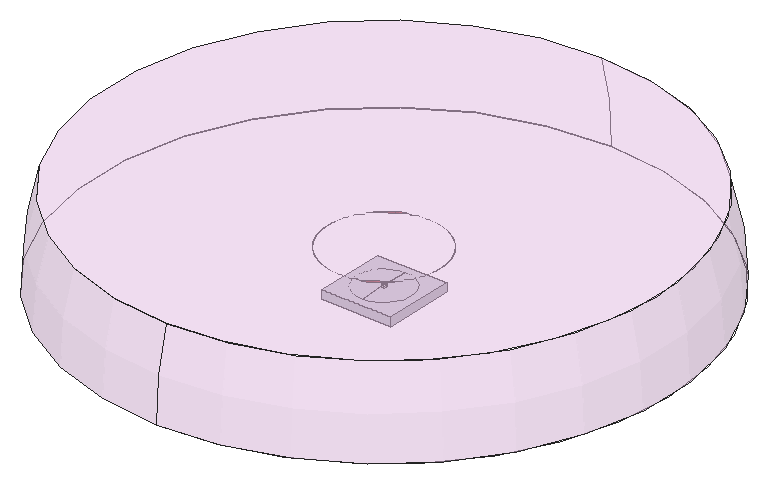
Revit family "_Camera-Security-Panasonic-360-degree-Indoor-Dome-Network-S4151", category Security Devices, host Face, Revit 2019
Family settings
  Host = Face
  Maintain Annotation Orientation = No
  Round Connector Dimension = Use Diameter
  Part Type = Normal
  OmniClass Number = 23.85.10.14.11
  OmniClass Title = Cameras
  Cut with Voids When Loaded = No
  Shared = No
  Room Calculation Point = No
Parameters (values of type "WV-S4151")
  z Void Direction [instance] = if((if(On Wall, 1, 0) + if(On Ceiling, 1, 0)) = 1, if(On Ceiling, 0, 1), 0)  # 0
  z Vertical FOV = 186.00°  # constant formula
  z VV Origin Height Offset [instance] = Height  # 1.98819"
  z VV Origin Height [instance] = 0.000"
  z Lenz to PPM Target X [instance] = 0.07874" * Focal Length * 1000 / (PPM Actual * Scanning Area H / Horizontal Resolution) - z Lenz to PPM Target H  # 90.09066"
  z Lenz to PPM Target H [instance] = Distance to Floor - PPM Target Height - z VV Origin Height Offset  # 46.04331"
  z Horizontal FOV = 186.00°  # constant formula
  z Camera Center Y Axis Offset [instance] = 0.000"
  z Camera Bottom Offset [instance] = 0.000"
  z Camera Angle [instance] = 90.00°
  z Base Raduius = 3.22835"
  z Base Height = 0.000"
  Wide Dynamic Range = yes
  Weight [instance] = 0.86 lbf
  Voltage DC = 12 V
  Vandal Resistant = no
  URL = "http://security.panasonic.com/pss/security/"
  Storage Temperature = "-22 °F to 140 °F"  # constant formula
  Show View Volume [instance] = yes
  Scanning Area V = 0.13976"
  Scanning Area H = 0.13976"
  Regulatory Compliance = "UL UL60950-1, C-UL CAN/CSA C22.2 No.60950-1, CE, IEC60950-1 FCC Part15 ClassA, ICES003 ClassA, EN55022 ClassB, EN55024"  # constant formula
  Radius_3 [instance] = Radius_1 * 0.123  # 0.36319"
  Radius_2 [instance] = Radius_1 * 0.2  # 0.59055"
  Radius_1 [instance] = Diameter / 2  # 2.95276"
  Provide Feedback = "https://www.surveymonkey.com/s/95FL6QY"
  Product Page URL = "https://security.panasonic.com/products_technology/products/wv-s4151/"
  Product Material = Paint - Panasonic - Sail White
  Product Documentation Link = "https://bizpartner.panasonic.net/public/ppr/product/11427?accordion_tab=96"
  Power Active = 4.6 W
  Part Number = Model  # "WV-S4151"
  Part Description = Description  # "Security Camera, 360-degree, Indoor, Dome, 5 Megapixel, Network, S4151"
  PPM Target Height [instance] = 70.07874"
  PPM Desired [instance] = 300
  PPM Actual [instance] = if(PPM Desired > 1, PPM Desired, 1)  # 300
  Original Creation Date = "November, 09, 2017"
  Operational Temperature [instance] = "14°F to 122°F"  # constant formula
  Operational Humidity = "10% to 90% (no condensation)"
  On Wall [instance] = no
  On Ceiling [instance] = yes
  Mounting Positions = "Mount Dependent or Surface Mount"
  Model Disclaimer = "Contact Panasonic for more information"  # constant formula
  Model = "WV-S4151"
  Minimum Illumination = 0.3 lx
  Manufacturer = "Panasonic"  # constant formula
  Indoor Or Outdoor = "Indoor"
  IP Or Analog = "IP"
  Horizontal Resolution [instance] = 2192  # constant formula
  Height_Offset5 = 1.44663"
  Height_Offset4 [instance] = 0.39438"
  Height_Offset3 [instance] = (Height - Height_Offset2) * 0.278  # 0.32058"
  Height_Offset2 [instance] = Height * 0.42  # 0.83504"
  Height_Offset1 [instance] = Height * 0.1  # 0.19882"
  Height [instance] = 1.98819"
  Has POE = yes
  Focal Length = 0.03307"
  Family Version = "1.0.0"  # constant formula
  Equipment Number [instance] = ""
  Equipment Abbreviation = "SC"
  Distance to Screen [instance] = 393.70079"
  Distance to PPM Target [instance] = if(z Lenz to PPM Target X < z Lenz to PPM Target H, 0.000", sqrt(z Lenz to PPM Target X ^ 2 - z Lenz to PPM Target H ^ 2))  # 77.43605"
  Distance to Floor [instance] = 118.11024"
  Distance to Ceiling [instance] = 0.000"
  Diameter [instance] = 5.90551"
  Description = "Security Camera, 360-degree, Indoor, Dome, 5 Megapixel, Network, S4151"
  Default Elevation = 0.000"
  Day Or Night = "Yes"
  Date Last Modified = "October, 28, 2020"
  Copyright = "Copyright © Panasonic"  # constant formula
  Communication Ports = "10Base-T / 100Base-TX, RJ45 connector"
  z Camera Center X Axis Offset [instance] = 0.000"
  Audio Out = "Yes"
  Audio In = "Yes"
  Angle Of View = "180"
  Alarm Input Or Output Specification = "ALARM IN 1 (Auto time adjustment) (x1),ALARM IN 2 (ALARM OUT) (x1), ALARM IN 3 (AUX OUT) (x1)"
Types (2): name | Product Page URL | Product Documentation Link | Part Number | Part Description | Model | Description | Date Last Modified
  WV-S4150 | "https://security.panasonic.com/products/wv-s4150" | "http://ssbu-t.psn-web.net/Products/IP_camera/WV-S4150/Specsheet/WV-S4150_A4.pdf" | "WV-S4150" | "Security Camera, 360-degree, Indoor, Dome, 5 Megapixel, Network, S4150" | "WV-S4150" | "Security Camera, 360-degree, Indoor, Dome, 5 Megapixel, Network, S4150" | "November, 09, 2017"
  WV-S4151 | "https://security.panasonic.com/products_technology/products/wv-s4151/" | "https://bizpartner.panasonic.net/public/ppr/product/11427?accordion_tab=96" | "WV-S4151" | "Security Camera, 360-degree, Indoor, Dome, 5 Megapixel, Network, S4151" | "WV-S4151" | "Security Camera, 360-degree, Indoor, Dome, 5 Megapixel, Network, S4151" | "October, 28, 2020"
Reference planes (in)
  plane 1 "Center (Front/Back)": y = 0
  plane 2: z = 0
  plane 3 "Center (Left/Right)": x = 0
  plane 4: y = 0
Forms (in)
  Extrusion 1, solid
    sketch origin (0, 0, 0) x (1, 0, 0) y (0, 1, 0)
      loop
        line (-48, 48) -> (-48, -48) -> (48, -48) -> (48, 48) -> (-48, 48)
    from 0 to -12
  Revolve 2, solid, material "Paint - Panasonic - Sail White" <- "Product Material"
    sketch origin (0, 0, 0) x (0, 0, 1) y (-1, 0, 0)
      loop
        line (1.78937, 0) -> (0, 0) -> (0, -2.95276) -> (1.15315, -2.95276) -> (1.78937, -0.59055) -> (1.78937, 0)
      axis (1.78937, 0) -> (0, 0)
    angle from 0 to 360
  Revolve 3, solid, material "Glass - Panasonic - Smoked"
    sketch origin (0, 0, 0) x (0, 0, 1) y (-1, 0, 0)
      loop
        line (1.98819, 0) -> (1.78937, 0) -> (1.78937, -0.36319)
        arc (1.78937, -0.36319) -> (1.93631, -0.20761) -> (1.98819, 0) r 0.42259
      axis (1.98819, 0) -> (1.78937, 0)
    angle from 0 to 360
  Revolve 4, solid
    sketch origin (0, 0, 0) x (0, 0, 1) y (-1, 0, 0)
      loop
        line (0, -2.79528) -> (0, -2.95276) -> (0.83257, -2.95276) -> (0.83257, -2.79528) -> (0, -2.79528)
      axis (0.83257, 0) -> (0, 0)
    angle from -30 to 30
  Revolve 5, solid
    sketch origin (0, 0, 0) x (0, 0, 1) y (-1, 0, 0)
      loop
        line (0.83257, -2.79528) -> (0, -2.79528) -> (0, -2.95276) -> (0.83257, -2.95276) -> (0.83257, -2.79528)
      axis (0.83257, 0) -> (0, 0)
    angle from 90 to 150
  Revolve 6, solid
    sketch origin (0, 0, 0) x (0, 0, 1) y (-1, 0, 0)
      loop
        line (0, -2.79528) -> (0, -2.95276) -> (0.83257, -2.95276) -> (0.83257, -2.79528) -> (0, -2.79528)
      axis (0.83257, 0) -> (0, 0)
    angle from 210 to 270
Lines and regions (in)
  symbolic lines, not visible
    curve 1: line (-1.15, -2.6875, 0) -> (1.15, -2.6875, 0)
  reference lines
    curve 2: line (-1.1811, 0, 0) -> (2.04724, 0, 0)
    curve 3: line (0, 0, 0) -> (0, 0, 3.93701)
    curve 4: line (3.22835, 0, 0) -> (0, 0, 0)
    curve 5: line (0, 0, 1.78937) -> (4.20071, 0, 1.78937)
    curve 6: line (0, 0, 1.15315) -> (2.95276, 0, 1.15315)
    curve 7: line (0, 0, 0.83257) -> (2.95276, 0, 0.83257)
    curve 8: line (2.95276, 0, 0) -> (2.95276, 0, 1.15315)
    curve 9: line (0.59055, 0, 1.15315) -> (0.59055, 0, 1.78937)
    curve 10: line (0.36319, 0, 1.78937) -> (0.36319, 0, 1.98819)
    curve 11: line (2.79528, 0, 0) -> (2.79528, 0, 0.83257)
    curve 12: line (0, 0, 1.98819) -> (0.36319, 0, 1.98819)
Dimensions and locks (in)
  plane 1 "Center (Front/Back)" to plane 4 = 0.000"
  "z Camera Center Y Axis Offset": plane 4 to plane 1 "Center (Front/Back)"
  "z Camera Center Y Axis Offset": curve 2 to level
  "z Camera Center X Axis Offset": plane 3 "Center (Left/Right)" to curve 3
  "z Base Height": curve 3 to curve 4
  "Height": curve 12 to curve 4
  "Radius_1": curve 8 to curve 3
  "Height_Offset1": curve 12 to curve 5
  "Radius_2": curve 9 to curve 3
  "Radius_3": curve 10 to curve 3
  "Height_Offset2": curve 12 to curve 6
  "Height_Offset3": curve 6 to curve 7
  locked: curve 8 to curve 11 at 0.15748
  "z Camera Angle": angle curve 3 to curve 2
  aligned and locked: plane 2 to Extrusion 1
  aligned and locked: level to Extrusion 1
  aligned and locked: curve 2 to curve 3
  aligned and locked: Revolve 2 sketch curve to curve 3
  aligned and locked: Revolve 2 sketch curve to curve 5
  aligned and locked: curve 6 to Revolve 2 sketch curve
  aligned and locked: curve 4 to Revolve 2 sketch curve
  aligned and locked: Revolve 2 sketch curve to curve 8
  aligned and locked: Revolve 3 sketch curve to curve 12
  aligned and locked: Revolve 3 sketch curve to curve 5
  aligned and locked: Revolve 3 sketch curve to curve 10
  aligned and locked: Revolve 3 sketch curve to curve 3
  aligned and locked: Revolve 4 sketch curve to curve 3
  aligned and locked: Revolve 4 sketch curve to curve 11
  aligned and locked: Revolve 4 sketch curve to curve 8
  aligned and locked: curve 7 to Revolve 4 sketch curve
  aligned and locked: Revolve 4 sketch curve to curve 4
  aligned and locked: Revolve 5 sketch curve to curve 3
  aligned and locked: curve 7 to Revolve 5 sketch curve
  aligned and locked: Revolve 5 sketch curve to curve 11
  aligned and locked: Revolve 5 sketch curve to curve 8
  aligned and locked: Revolve 5 sketch curve to curve 4
  aligned and locked: Revolve 6 sketch curve to curve 3
  aligned and locked: curve 7 to Revolve 6 sketch curve
  aligned and locked: Revolve 6 sketch curve to curve 11
  aligned and locked: Revolve 6 sketch curve to curve 8
  aligned and locked: Revolve 6 sketch curve to curve 4
  aligned and locked: nested 1 to curve 3  (x2)
Automatic sketch dimensions
  Extrusion 1 sketch curve to Extrusion 1 sketch curve = 96.000"  (x2)
  curve 1 to plane 3 "Center (Left/Right)" = 1.150"
  plane 3 "Center (Left/Right)" to curve 1 = 1.150"
  plane 1 "Center (Front/Back)" to curve 1 = 2.6875"
  Revolve 2 sketch curve to curve 3 = 0.000"
  curve 3 to Revolve 2 sketch curve = 0.59055"
  Revolve 2 sketch curve to Revolve 2 sketch curve = 0.15503"
  Revolve 2 sketch curve to Revolve 2 sketch curve = 0.10168"
  Revolve 3 sketch curve to curve 3 = 0.000"
  curve 3 to Revolve 3 sketch curve = 0.00469"
  Revolve 3 sketch curve to Revolve 3 sketch curve = 0.05579"
  Revolve 3 sketch curve to Revolve 3 sketch curve = 0.02944"
  curve 3 to Revolve 4 sketch curve = 1.29762"
  Revolve 4 sketch curve to Revolve 4 sketch curve = 1.01951"
  curve 3 to Revolve 5 sketch curve = 1.2447"
  Revolve 5 sketch curve to Revolve 5 sketch curve = 1.07846"
  curve 3 to Revolve 6 sketch curve = 1.22468"
  Revolve 6 sketch curve to Revolve 6 sketch curve = 1.14853"
  curve 2 to plane 3 "Center (Left/Right)" = 1.1811"
  plane 3 "Center (Left/Right)" to curve 2 = 2.04724"
  curve 4 to curve 3 = 3.22835"
  curve 5 to curve 3 = 0.000"
  curve 6 to curve 3 = 0.000"
  curve 12 to curve 3 = 0.000"
  curve 7 to curve 3 = 0.000"
  curve 5 to curve 6 = 1.24796"
Nested families (in)
  nested 1: "Camera-Security-Panasonic-ViewVolume360" at (0, 0, 1.98819), HFOV <- "z Horizontal FOV", VFOV <- "z Vertical FOV", Ceiling Distance <- "Distance to Ceiling", Target Horizontal Distance <- "Distance to PPM Target", Object Height <- "PPM Target Height", Screen Depth <- "Distance to Screen", On Wall <- "On Wall", On Ceiling <- "On Ceiling", Base Height Offset <- "z VV Origin Height Offset", visible <- "Show View Volume", Floor Distance <- "Distance to Floor", type "Camera-Security-Panasonic-ViewVolume360"
    with z Yaw Actual 0.00°, z Void Width 826.77165", z Void Thickness 395.68898", z Void Height Start -413.38583", z Void Height End 413.38583", z Void Direction 0, z Void Angle 0.00°, z Viewpoint Origin Horizontal Offset 0.000", z Tilt Actual 0.00°, z Target Visible yes, z Target Horizontal Distance 77.43605", z Target Depth 46.04331", z Screen Depth 393.70079", z Pan Actual 0.00°, z Floor Distance 118.11024", z FOV Half 93.00°, z Ceiling Distance 0.000", z Camera Back Void Depth 397.6378", VFOV 186.00°, Target Horizontal Distance 77.43605", Screen Depth 393.70079", On Wall no, On Default Mount Type 0, On Ceiling yes, Object Height 70.07874", HFOV 186.00°, Floor Distance 118.11024", Ceiling Distance 0.000", Base Height Offset 1.98819", Base Angle Offset 0.00°
Connectors (in)
  electrical at (0, 0, 0), driven by "Voltage DC", driven by "Power Active"
    settings: on Revolve 2, index 1, voltage 12 V, apparent load 4.6 W, apparent load phase1 0.0 W, apparent load phase2 0.0 W, apparent load phase3 0.0 W, power factor 1, load classification "Other", number of poles 1, system type 30, power factor state 1, is connector primary yes, connector utility no, sub classification motor no, connector description "Electrical Connection"
  electrical at (0, 0, 0)
    settings: on Revolve 2, index 2, voltage 0 V, apparent load 0.0 W, apparent load phase1 0.0 W, apparent load phase2 0.0 W, apparent load phase3 0.0 W, power factor 1, load classification "Other", number of poles 1, system type 5, power factor state 1, is connector primary no, connector utility no, sub classification motor no, connector description "Data Connection"
Definition of nested family "Camera-Security-Panasonic-ViewVolume360"
  Parameters
    z Yaw Actual [instance] = 0.00°  # constant formula
    z Void Width [instance] = z Screen Depth * 2 + 39.37008"  # 826.77165"
    z Void Thickness [instance] = z Screen Depth + abs(Base Height Offset)  # 399.6063"
    z Void Height Start [instance] = -z Void Width / 2  # -413.38583"
    z Void Height End [instance] = z Void Width / 2  # 413.38583"
    z Void Direction [instance] = if((if(On Wall, 1, 0) + if(On Ceiling, 1, 0)) = 1, if(On Ceiling, 0, 1), On Default Mount Type)  # 0
    z Tilt Actual [instance] = if(z Void Direction = 0, 0.00°, if(z Void Direction = 1, 90.00°, 0.00°))  # 0.00°
    z Target Visible [instance] = and(Target Horizontal Distance > 0.03937", z Target Depth < z Screen Depth, z Target Depth > 3.93701")  # yes
    z Target Horizontal Distance [instance] = if(Target Horizontal Distance < 3.93701", 3.93701", Target Horizontal Distance)  # 78.74016"
    z Target Depth [instance] = if(if(z Void Direction = 0, z Floor Distance - Object Height - Base Height Offset, z Floor Distance - Object Height) < 3.93701", 3.93701", if(z Void Direction = 0, z Floor Distance - Object Height - Base Height Offset, z Floor Distance - Object Height))  # 42.12598"
    z Pan Actual [instance] = 0.00°  # constant formula
    z Floor Distance [instance] = if(Floor Distance < 3.93701", 3.93701", Floor Distance)  # 118.11024"
    z FOV Half [instance] = HFOV / 2  # 80.00°
    z Const Yaw Base2 Length = 17.32283"  # constant formula
    z Const Tilt Base2 Length = 19.68504"  # constant formula
    z Ceiling Distance [instance] = if(Ceiling Distance < 0.000", 0.000", Ceiling Distance)  # 0.000"
    z Const Void Handle Length = 23.62205"  # constant formula
    z Void Angle [instance] = if(z Void Direction = 0, 0.00° + Base Angle Offset, if(z Void Direction = 1, 90.00° + Base Angle Offset, 180.00° + Base Angle Offset))  # 0.00°
    z Screen Depth [instance] = if(Screen Depth < 7.87402", 7.87402", Screen Depth)  # 393.70079"
    z Camera Back Void Depth [instance] = z Screen Depth + z Screen Depth * 0.01  # 397.6378"
    Target Horizontal Distance [instance] = 78.74016"
    Original Creation Date = "September, 15, 2016"  # constant formula
    On Default Mount Type [instance] = 0
    Object Height [instance] = 70.07874"
    Manufacturer = "Panasonic"  # constant formula
    Family Version = "1.0.0"  # constant formula
    Default Elevation = 48.000"
    Date Last Modified = "September, 15, 2016"  # constant formula
    Copyright = "Copyright © Panasonic"  # constant formula
    Base Height Offset [instance] = 5.90551"
    Base Angle Offset [instance] = 0.00°
    VFOV [instance] = 33.75°
    z Target Thickness = 0.19685"  # constant formula
    Screen Depth [instance] = 393.70079"
    z Const Yaw Handle Length = 9.25197"  # constant formula
    z Const Yaw Base Length = 10.23622"  # constant formula
    z Viewpoint Origin Horizontal Offset [instance] = 0.000"  # constant formula
    z Const Tilt Handle Length = 14.17323"  # constant formula
    z Const Tilt Base Length = 9.84252"  # constant formula
    z Const Pan Handle Length = 19.68504"  # constant formula
    z Const Pan Axis Length = 15.74803"  # constant formula
    On Wall [instance] = no
    On Ceiling [instance] = yes
    HFOV [instance] = 160.00°
    Floor Distance [instance] = 118.11024"
    Ceiling Distance [instance] = 0.000"
  Reference planes (in)
    plane 1 "Center (Front/Back)": y = 0
    plane 2: z = 0
    plane 3 "Center (Left/Right)": x = 0
    plane 4 "VoidOffsetBase": z = -5.90551
  Forms (in)
    Extrusion 1, void
      sketch origin (0, 0, -5.90551) x (0, 0, 1) y (0, -1, 0)
        loop
          line (517.71654, 413.38583) -> (118.11024, 413.38583) -> (118.11024, -413.38583) -> (517.71654, -413.38583) -> (517.71654, 413.38583)
        loop
          line (0, 413.38583) -> (-399.6063, 413.38583) -> (-399.6063, -413.38583) -> (0, -413.38583) -> (0, 413.38583)
      from -413.38583 <- "z Void Height Start" to 413.38583 <- "z Void Height End"
    Revolve 2, solid, visible <- "z Target Visible"
      sketch origin (0, 0, 42.12598) x (0, 0, -1) y (0, 1, 0)
        loop
          circle (0, 78.74016) r 0.19685
        axis (0.19685, 0) -> (-0.19685, 0)
      angle from 0 to 360
    Revolve 3, solid
      sketch origin (0, 0, 0) x (0, 1, 0) y (0, 0, 1)
        loop
          line (0, 0) -> (387.71959, 68.36542)
          arc (387.71959, 68.36542) -> (253.06599, 301.5923) -> (0, 393.70079) r 393.70079
          line (0, 393.70079) -> (0, 0)
        axis (0, 0) -> (0, 393.70079)
      angle from 0 to 360
    Revolve 4, void
      sketch origin (0, 0, 0) x (0, 1, 0) y (0, 0, 1)
        loop
          line (0, 0) -> (0, -397.6378)
          arc (0, -397.6378) -> (304.60822, -255.59665) -> (391.59678, 69.04908) r 397.6378
          line (391.59678, 69.04908) -> (0, 0)
        axis (0, -397.6378) -> (0, 69.04908)
      angle from 0 to 360
  Cuts and joins
    Revolve 4 cuts Revolve 2
    Extrusion 1 cuts Revolve 3
  Lines and regions (in)
    reference lines
      curve 1: line (0, 0, 0) -> (19.68504, 0, 0)
      curve 2: line (0, 0, -15.74803) -> (0, 0, 0)
      curve 3: line (0, 0, 0) -> (0, -9.84252, 0)
      curve 4: line (0, 0, 0) -> (0, 0, 19.68504)
      curve 5: line (0, 0, 14.17323) -> (0, 0, 0)
      curve 6: line (0, 0, 0) -> (0, 10.23622, 0)
      curve 7: line (0, 0, 0) -> (-17.32283, 0, 0)
      curve 8: line (0, 0, 0) -> (-9.25197, 0, 0)
      curve 9: line (0, 0, 42.12598) -> (0, 0, 0)
      curve 10: line (0, 0, -5.90551) -> (0, 0, 17.71654)
      curve 11: line (0, -413.38583, 511.81102) -> (0, 413.38583, 511.81102)
      curve 12: line (0, -413.38583, 112.20472) -> (0, -413.38583, 511.81102)
      curve 13: line (0, 413.38583, 112.20472) -> (0, -413.38583, 112.20472)
      curve 14: line (0, 413.38583, 511.81102) -> (0, 413.38583, 112.20472)
      curve 15: line (0, -413.38583, -5.90551) -> (0, 413.38583, -5.90551)
      curve 16: line (0, -413.38583, -405.51181) -> (0, -413.38583, -5.90551)
      curve 17: line (0, 413.38583, -405.51181) -> (0, -413.38583, -405.51181)
      curve 18: line (0, 413.38583, -5.90551) -> (0, 413.38583, -405.51181)
  Dimensions and locks (in)
    "z Const Pan Handle Length": curve 1 to curve 1
    "z Const Pan Axis Length": curve 2 to curve 2
    "z Const Tilt Base Length": curve 3 to curve 3
    "z Const Pan Axis Length": curve 1 to curve 2
    "z Viewpoint Origin Horizontal Offset": curve 4 to curve 2
    "z Const Tilt Base2 Length": curve 4 to curve 4
    "z Const Tilt Handle Length": curve 5 to curve 5
    "z Const Yaw Base Length": curve 6 to curve 6
    "z Const Yaw Base2 Length": curve 7 to curve 7
    "z Const Yaw Handle Length": curve 8 to curve 8
    "z Target Depth": curve 9 to curve 9
    "z Const Void Handle Length": curve 10 to curve 10
    equal spacing: curve 12, curve 10, curve 14
    "z Void Width": curve 12 to curve 14
    "z Floor Distance": curve 13 to curve 10
    "z Ceiling Distance": curve 15 to curve 10
    "z Void Thickness": curve 17 to curve 15
    "z Void Thickness": curve 11 to curve 13
    "Base Height Offset": level to plane 4 "VoidOffsetBase"
    "z Target Horizontal Distance": curve 10 to Revolve 2 sketch curve
    "z Camera Back Void Depth": Revolve 4 sketch curve to Revolve 4 sketch curve  (x2)
    "z Screen Depth": Revolve 3 sketch curve to Revolve 3 sketch curve  (x2)
    "z Target Thickness": radius of Revolve 2 sketch curve
    "z Screen Depth": radius of Revolve 3 sketch curve
    "z Camera Back Void Depth": radius of Revolve 4 sketch curve
    locked: curve 3 to curve 2 (angle 90.00°)
    locked: curve 3 to curve 4 (angle 90.00°)
    "z Tilt Actual": angle curve 4 to curve 5
    locked: curve 6 to curve 7 (angle 90.00°)
    locked: curve 6 to curve 5 (angle 90.00°)
    locked: curve 9 to curve 5 (angle 0.00°)
    "z Void Angle": angle plane 1 "Center (Front/Back)" to curve 10
    "z Yaw Actual": angle curve 7 to curve 8
    "z Pan Actual": angle plane 1 "Center (Front/Back)" to curve 1
    "z FOV Half": angle Revolve 4 sketch curve to plane 1 "Center (Front/Back)"
    "z FOV Half": angle Revolve 3 sketch curve to plane 1 "Center (Front/Back)"
    aligned and locked: level to plane 2
    aligned and locked: curve 2 to curve 1
    aligned and locked: curve 2 to curve 3
    aligned and locked: curve 3 to curve 2
    aligned and locked: curve 3 to curve 5
    aligned and locked: curve 6 to curve 7
    aligned and locked: curve 6 to curve 8
    aligned and locked: curve 8 to curve 7
    aligned and locked: curve 7 to curve 6
    aligned and locked: plane 1 "Center (Front/Back)" to curve 10
    aligned and locked: curve 16 to curve 12
    aligned and locked: curve 14 to curve 18
    aligned and locked: Extrusion 1 sketch curve to curve 11
    aligned and locked: Extrusion 1 sketch curve to curve 12
    aligned and locked: Extrusion 1 sketch curve to curve 13
    aligned and locked: Extrusion 1 sketch curve to curve 14
    aligned and locked: Extrusion 1 sketch curve to curve 15
    aligned and locked: Extrusion 1 sketch curve to curve 16
    aligned and locked: Extrusion 1 sketch curve to curve 17
    aligned and locked: Extrusion 1 sketch curve to curve 18
    aligned and locked: Extrusion 1 sketch curve to Extrusion 1 sketch curve  (x8)
    aligned and locked: plane 3 "Center (Left/Right)" to curve 1
    aligned and locked: plane 1 "Center (Front/Back)" to curve 1
    aligned and locked: level to curve 2
    aligned and locked: plane 4 "VoidOffsetBase" to curve 10
    aligned and locked: plane 1 "Center (Front/Back)" to Revolve 4 sketch curve
    aligned and locked: level to Revolve 4 sketch curve
    aligned and locked: level to Revolve 3 sketch curve
    aligned and locked: plane 1 "Center (Front/Back)" to Revolve 3 sketch curve
  Automatic sketch dimensions
    curve 9 to curve 8 = 0.000"  (x2)
    curve 6 to curve 5 = 0.000"
    curve 6 to curve 5 = 10.23622"
    Revolve 2 sketch curve to curve 9 = 0.000"  (x3)
    curve 9 to Revolve 2 sketch curve = 0.000"
    Revolve 3 sketch curve to level = 0.000"
    Revolve 3 sketch curve to plane 1 "Center (Front/Back)" = 0.000"
    Revolve 3 sketch curve to Revolve 3 sketch curve = 0.000"
    Revolve 4 sketch curve to level = 0.000"
    Revolve 4 sketch curve to plane 1 "Center (Front/Back)" = 0.000"
    Revolve 4 sketch curve to Revolve 4 sketch curve = 107.05185"
